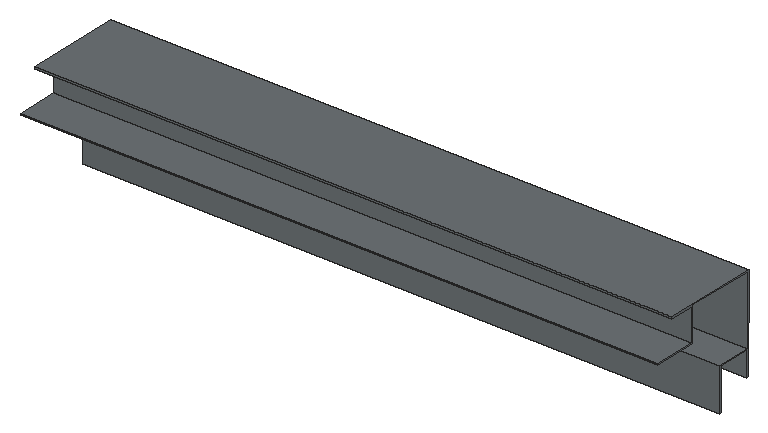
Revit family "BIMLIB_ПланкаУглаВнешнегоСложнаяБлокХаусNew_GRANDLINE", category Обобщенные модели, Revit 2017
Family settings
  Может служить основой для арматурных стержней = Нет
  Размер круглого соединителя = Использовать диаметр
  Тип детали = Нормальный
  При загрузке вырезать с полостями = Нет
  Общий = Нет
  Точка расчета площади = Нет
Parameters (values of type "Внешний угол сложный Блок Хаус New")
  Смещение от плоскости [instance] = 0 mm
  Описание = ADSK_Наименование  # "Внешний угол сложный Блок Хаус New"
  Изготовитель = "Grand Line"  # constant formula
  built-in parameter 1001306 [instance] = 500 mm
  Watermark [instance] = "Модели защищены уникальным кодом"
  URL = "https://www.grandline.ru"
  BL_Разработано = "support@bimlib.pro"
  BL_Email = "info@grandline.ru"
  BL_BIM library = "https://bimlib.pro/manufacturer/company/22430"
  ADSK_Размер_Длина [instance] = [built-in parameter 1001306]  # 500 mm
  ADSK_Обозначение = "ГОСТ 19904-90, ГОСТ 14918-80"
  ADSK_Наименование = "Внешний угол сложный Блок Хаус New"
  ADSK_Материал тип подсчета = 1  # constant formula
  ADSK_Материал = GL_Drap_RAL7016
  ADSK_Масса_Текст [instance] = ""
  ADSK_Масса [instance] = 0
  ADSK_Марка = ""
  ADSK_Количество [instance] = if(ADSK_Материал тип подсчета = 0, 1, if(ADSK_Материал тип подсчета = 1, ADSK_Размер_Длина / 1000 mm, 0))  # 0.5
  ADSK_Код изделия = "M012.043.04"  # constant formula
  ADSK_Завод-изготовитель = "Grand Line"  # constant formula
  ADSK_Единица измерения = "м"  # constant formula
  ADSK_Группирование = "Доборные элементы"  # constant formula
  ADSK_Версия Revit = "2017"  # constant formula
  ADSK_URL страницы изделия = "https://www.grandline.ru/ugol-vneshniy-slozhnyy-bkh-new-0-45-pe-s-plenkoy-ral-8017-shokolad-171830.html"
  ADSK_URL документации изделия = "https://www.grandline.ru/uploads/files/chertezhi_vse/dobornye_elementy/desaiydingblokhaus-new/Ugol-vnesnij.jpg"
Reference planes
  plane 1 "По центру (Вперед/Назад)": y = 0
  plane 2: z = 0
  plane 3 "Слева": x = 0
  plane 4 "Справа": x = 500
Forms (mm)
  Sweep 1, solid, material "GL_Drap_RAL7016" <- "ADSK_Материал"
    path in 3D
      loop
        line (0, 0, 0) -> (500, 0, 0)
    profile "Профиль_ПланкаУглаВнешнегоСложнаяБлокХаусNew : Профиль" origin (250, 0, 0) x (0, 1, 0) y (0, 0, 1)
      loop
        line (27.8, 27.8) -> (-47.2, 27.8) -> (-47.2, 26.2) -> (-28, 26.2) -> (-28, 0.8) -> (-61.2, 0.8) -> (-61.2, 0) -> (-27.2, 0) -> (-27.2, 27) -> (27, 27) -> (27, -27.2) -> (0, -27.2) -> (0, -61.2) -> (0.8, -61.2) -> (0.8, -28) -> (26.2, -28) -> (26.2, -47.2) -> (27.8, -47.2) -> (27.8, 27.8)
Lines and regions (mm)
  reference lines
    curve 1: line (0, 0, 0) -> (500, 0, 0)
  sketch lines
    curve 2: line (0, 0, 0) -> (500, 0, 0)
Dimensions and locks
  "built-in parameter 1001306": plane 3 "Слева" to plane 4 "Справа"
  aligned and locked: plane 4 "Справа" to curve 1
  aligned and locked: plane 1 "По центру (Вперед/Назад)" to curve 1
  aligned and locked: plane 3 "Слева" to curve 1
  aligned and locked: level to plane 2
